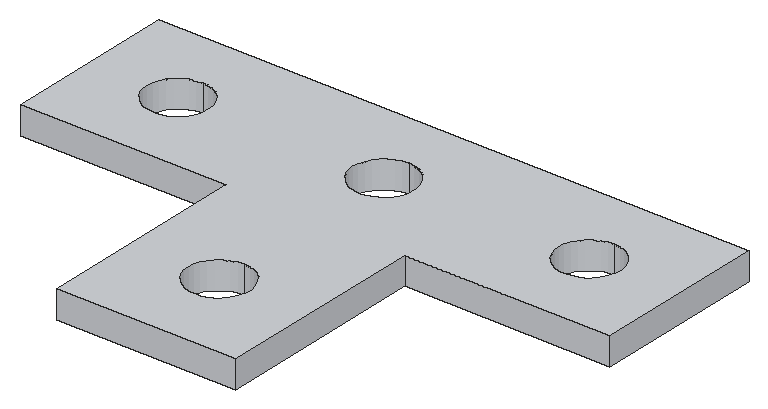
Revit family "Fitting-Flat_Plate-Unistrut-P1031", category Specialty Equipment, Revit 2012
Parameters (values of type "P1031")
  ecoScorecard_data = "http://products.ecoscorecard.com/atkore/P1031"
  ecoScorecard Product Page = "http://products.ecoscorecard.com/atkore/P1031?action=html"
  Weight Per Piece = 0.80 lbf
  Unit = none
  Unistrut Part Number = "P1031"  # constant formula
  URL = "http://unistrut.us/index.php"
  Thickness = 0' - 0 1/4"  # constant formula
  Subcategory = "Flat Plate Fittings"  # constant formula
  Product Page URL = "http://unistrut.us/index.php?WP=cat_detail&S=S05&P=P1031"
  Power Strut Part Number = "PS 714"  # constant formula
  Part Type = "Fitting"  # constant formula
  Overall Width = 0' - 5 3/8"  # constant formula
  Overall Length = 0' - 3 1/2"  # constant formula
  Model = "P1031"
  Material = ""
  Manufacturer Phone - Toll Free = "800-882-5543"  # constant formula
  Manufacturer Phone = "708-339-1610"  # constant formula
  Manufacturer Fax = "708-339-7814"  # constant formula
  Manufacturer Email = "mailto:jshaw@atkore.com"
  Manufacturer Address = "16100 South Lathrop Avenue, Harvey, IL 60426"  # constant formula
  Manufacturer = "Unistrut by Atkore International"  # constant formula
  Load Capacity Note = "Visit the product page for load application and capacity."  # constant formula
  Literature URL = "http://unistrut.us/index.php?WP=LItLibrary"
  Hole Diameter = 0' - 0 9/16"
  Cost Info = "mailto:jshaw@atkore.com"
  CAD URL = "http://unistrut.us/index.php?WP=CAD3d"
  Assembly Code = "D5020100"
  95 CSI = "16070"  # constant formula
  04 CSI = "26 05 48"  # constant formula
Reference planes (in)
  plane 1 "Center (Front/Back)": y = 0
  plane 2: z = 0
  plane 3 "Center (Left/Right)": x = 0
  plane 4: y = 1.75
  plane 5: y = -1.75
  plane 6: x = -2.6875
  plane 7: x = 2.6875
  plane 8: z = 0.25
  plane 9: x = 1.875
  plane 10: x = -1.875
  plane 11: y = -0.91826
Dimensions and locks (in)
  equal spacing: plane 6, plane 3 "Center (Left/Right)", plane 7
  "Overall Width": plane 6 to plane 7
  equal spacing: plane 4, plane 1 "Center (Front/Back)", plane 5
  "Overall Length": plane 4 to plane 5
  "Thickness": plane 8 to plane 2
  aligned and locked: level to plane 2
  aligned and locked: nested 1 to plane 3 "Center (Left/Right)"
  aligned and locked: plane 1 "Center (Front/Back)" to nested 1
Nested families (in)
  nested 1: "1031" at (0, 0, 0) x (0, -1, 0) z (0, 0, 1), type "1031"
Definition of nested family "1031"
  Parameters (values of type "P1031")
    Width = 0' - 5 3/8"
    Unit = none
    Thickness = 0' - 0 1/4"
    Radiuis = Diameter / 2  # 0' - 0 9/32"
    Length = 0' - 3 1/2"
    Diameter = 0' - 0 9/16"
  Reference planes (in)
    plane 1 "Center (Front/Back)": y = 0
    plane 2: z = 0
    plane 3 "Center (Left/Right)": x = 0
    plane 4: y = 2.6875
    plane 5: y = -2.6875
    plane 6: x = -1.75
    plane 7: x = 1.75
    plane 8: z = 0.25
    plane 9: y = 0.81644
    plane 10: y = -0.81644
    plane 11: x = -0.1752
  Forms (in)
    Extrusion 1, solid, material <- "Unit"
      sketch origin (0, 0, 0) x (1, 0, 0) y (0, 1, 0)
        loop
          line (-1.75, 2.6875) -> (-1.75, -2.6875) -> (-0.1752, -2.6875) -> (-0.1752, -0.81644) -> (1.75, -0.81644) -> (1.75, 0.81644) -> (-0.1752, 0.81644) -> (-0.1752, 2.6875) -> (-1.75, 2.6875)
        loop
          circle (-0.95615, 0) r 0.28125
        loop
          circle (-0.95615, 1.875) r 0.28125
        loop
          circle (-0.95615, -1.875) r 0.28125
        loop
          circle (0.91826, 0) r 0.28125
      from 0 to 0.25
  Dimensions and locks (in)
    equal spacing: plane 6, plane 3 "Center (Left/Right)", plane 7
    "Length": plane 6 to plane 7
    equal spacing: plane 4, plane 1 "Center (Front/Back)", plane 5
    "Width": plane 4 to plane 5
    "Thickness": plane 8 to plane 2
    locked: plane 11 to plane 3 "Center (Left/Right)" at 0.1752
    equal spacing: plane 10, plane 1 "Center (Front/Back)", plane 9
    locked: plane 6 to Extrusion 1 sketch curve at 0.79385  (x3)
    locked: plane 4 to Extrusion 1 sketch curve at 0.8125
    locked: plane 5 to Extrusion 1 sketch curve at 0.8125
    locked: Extrusion 1 sketch curve to plane 7 at 0.83174
    "Radiuis": radius of Extrusion 1 sketch curve  (x4)
    aligned and locked: level to plane 2
    aligned and locked: Extrusion 1 sketch curve to plane 4
    aligned and locked: Extrusion 1 sketch curve to plane 11
    aligned and locked: Extrusion 1 sketch curve to plane 9
    aligned and locked: Extrusion 1 sketch curve to plane 10
    aligned and locked: plane 7 to Extrusion 1 sketch curve
    aligned and locked: plane 5 to Extrusion 1 sketch curve
    aligned and locked: Extrusion 1 sketch curve to plane 6
    aligned and locked: plane 1 "Center (Front/Back)" to Extrusion 1 sketch curve  (x2)
    aligned and locked: Extrusion 1 to plane 2
    aligned and locked: plane 8 to Extrusion 1
  Automatic sketch dimensions
    Extrusion 1 sketch curve to plane 11 = 0' - 0"
